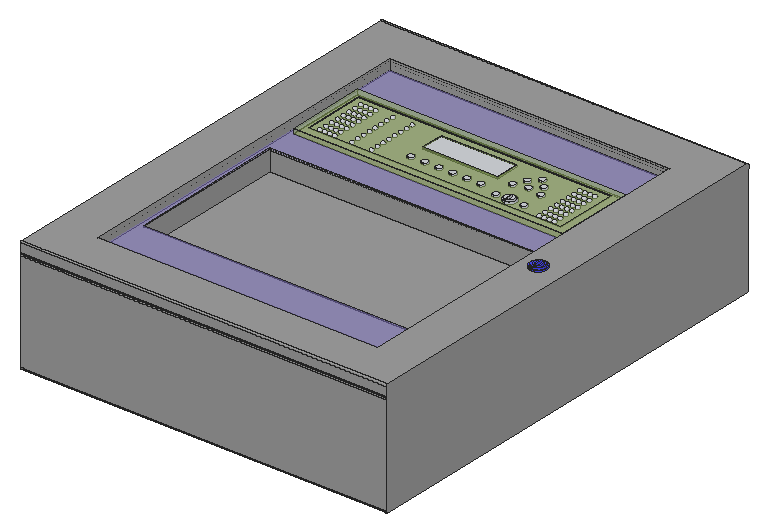
Revit family "Maxlogic Intelligent Addressable Fire Alarm Control Panel, up to 16 Loops", category Fire Alarm Devices, host Face, Revit 2022
Family settings
  Host = Face
  Round Connector Dimension = Use Diameter
  Part Type = Normal
  OmniClass Number = 23.85.30.21
  OmniClass Title = Environmental Detection/Registration
  Cut with Voids When Loaded = No
  Maintain Annotation Orientation = Yes
  Shared = No
  Room Calculation Point = No
Parameters (values of type "Maxlogic Intelligent Addressable Fire alarm control panel, 9 loops, 1143 address")
  Weight = "Max. 38,500 kg"
  Weatherproof surface mounting back box = ""
  Warranty Duration Unit = "Year"
  Warranty Duration Parts = "2"
  Warranty Duration Labor = "2"
  Version = ""
  URL = "https://www.mavili.com.tr/en"
  Recessed mounting base = ""
  Public Works Pose Number = "833-311"
  Protection Sign = "IP30"
  Product Code = "ML-1259"
  Phone Number = "(+)90 216 466 45 05"
  Operatonal Voltage (default) = ""
  Operating voltage range = ""
  Operating temperature = "(-10°C) - (+55°C)"
  Nominal Depth = "205 mm"
  Nominal Width = "650 mm"
  Nominal Height = "800 mm"
  Mounting surface = "Wall mount"
  Mounting height = ""
  Model = "Maxlogic"
  Manufacturer = "Mavili Elektronik Ticaret A.Ş."
  Installation Manual = "https://mavilielektronik.com/Revit/ML125XX_enkk.pdf"
  Indicator output = ""
  Fax Number = "(+)90 216 466 45 10"
  External supply = "220 V AC"
  Email = "mavili@mavili.com.tr"
  Disclaimer = ""
  Device Adress Setup = ""
  Description = "Intelligent Addressable Fire alarm control panel, 9 loops, 1143 address"
  Default Elevation = 0 mm
  Current consumption = ""
  Cost unıt = ""
  Cost = 0
  Compatible sockets = ""
  Color = "Red"
  Code Performance = "EN 54\u001f-2 / EN 54-\u001f4"
  Main Material = "Metal Red"
  Secondary Material = "Plexiglas"
  Battery = "4 X (12V DC 7 Ah )"
  Address line 1 = "Şerifali Mahallesi Kutup Sokak No:27/1-2-4 Ümraniye TR-34775 İSTANBUL"
Types (18, lengths in mm): name | Public Works Pose Number | Product Code | Model | Description
  (no name) | "833-311" | "ML-1259" | "Maxlogic" | "Intelligent Addressable Fire alarm control panel, 9 loops, 1143 address"
  Maxlogic Intelligent Addressable Fire alarm control panel, 0 loop, network (repeater) | "" | "ML-1250.N" | "Maxlogic" | "Intelligent Addressable Fire alarm control panel, 0 loop, network (repeater)"
  Maxlogic Intelligent Addressable Fire alarm control panel, 1 loop, 127 address | "" | "ML-1251" | "Maxlogic" | "Intelligent Addressable Fire alarm control panel, 1 loop, 127 address"
  Maxlogic Intelligent Addressable Fire alarm control panel, 2 loops, 254 address | "" | "ML-1252" | "MaxLogic" | "Intelligent Addressable Fire alarm control panel, 2 loops, 254 address"
  Maxlogic Intelligent Addressable Fire alarm control panel, 3 loops, 381 address | "" | "ML-1253" | "Maxlogic" | "Intelligent Addressable Fire alarm control panel, 3 loops, 381 address"
  Maxlogic Intelligent Addressable Fire alarm control panel, 4 loops, 508 address | "" | "ML-1254" | "Maxlogic" | "Intelligent Addressable Fire alarm control panel, 4 loops, 508 address"
  Maxlogic Intelligent Addressable Fire alarm control panel, 5 loops, 635 address | "" | "ML-1255" | "Maxlogic" | "Intelligent Addressable Fire alarm control panel, 5 loops, 635 address"
  Maxlogic Intelligent Addressable Fire alarm control panel, 6 loops, 762 address | "" | "ML-1256" | "Maxlogic" | "Intelligent Addressable Fire alarm control panel, 6 loops, 762 address"
  Maxlogic Intelligent Addressable Fire alarm control panel, 7 loops, 889 address | "" | "ML-1257" | "Maxlogic" | "Intelligent Addressable Fire alarm control panel, 7 loops, 889 address"
  Maxlogic Intelligent Addressable Fire alarm control panel, 8 loops, 1016 addres | "" | "ML-1258" | "Maxlogic" | "Intelligent Addressable Fire alarm control panel, 8 loops, 1016 addres"
  Maxlogic Intelligent Addressable Fire alarm control panel, 9 loops, 1143 address | "833-311" | "ML-1259" | "Maxlogic" | "Intelligent Addressable Fire alarm control panel, 9 loops, 1143 address"
  Maxlogic Intelligent Addressable Fire alarm control panel, 10 loops, 1270 address | "833-312" | "ML-12510" | "Maxlogic" | "Intelligent Addressable Fire alarm control panel, 10 loops, 1270 address"
  Maxlogic Intelligent Addressable Fire alarm control panel, 11 loops, 1397 address | "833-313" | "ML-12511" | "Maxlogic" | "Intelligent Addressable Fire alarm control panel, 11 loops, 1397 address"
  Maxlogic Intelligent Addressable Fire alarm control panel, 12 loops, 1524 address | "833-314" | "ML-12512" | "Maxlogic" | "Intelligent Addressable Fire alarm control panel, 12 loops, 1524 address"
  Maxlogic Intelligent Addressable Fire alarm control panel, 13 loops, 1651 address | "833-315" | "ML-12513" | "Maxlogic" | "Intelligent Addressable Fire alarm control panel, 13 loops, 1651 address"
  Maxlogic Intelligent Addressable Fire alarm control panel, 14 loops, 1778 address | "833-316" | "ML-12514" | "Maxlogic" | "Intelligent Addressable Fire alarm control panel, 14 loops, 1778 address"
  Maxlogic Intelligent Addressable Fire alarm control panel, 15 loops, 1905 address | "833-317" | "ML-12515" | "Maxlogic" | "Intelligent Addressable Fire alarm control panel, 15 loops, 1905 address"
  Maxlogic Intelligent Addressable Fire alarm control panel, 16 loops, 2032 address | "833-318" | "ML-12516" | "Maxlogic" | "Intelligent Addressable Fire alarm control panel, 16 loops, 2032 address"
Reference planes
  plane 1 "Center (Front/Back)": y = 0
  plane 2: z = 0
  plane 3 "Center (Left/Right)": x = 0
Forms (mm)
  Extrusion 1, solid, material "MAVİLİ KIRMIZI"
    sketch origin (0, 0, 0) x (0, 1, 0) y (0, 0, 1)
      loop
        arc (400, 0) -> (401.202, 0.498) -> (401.7, 1.7) r 1.7
        line (401.7, 1.7) -> (401.7, 20) -> (401.7, 22) -> (401.7, 169.2) -> (401.7, 171.2) -> (401.7, 181.2)
        arc (401.7, 181.2) -> (401.319, 182.119) -> (400.4, 182.5) r 1.3
        line (400.4, 182.5) -> (375.5, 182.5) -> (375.5, 183.35) -> (400.4, 183.35)
        arc (400.4, 183.35) -> (402.238, 184.112) -> (403, 185.95) r 2.6
        line (403, 185.95) -> (403, 202.45)
        arc (403, 202.45) -> (402.268, 204.218) -> (400.5, 204.95) r 2.5
        line (400.5, 204.95) -> (-400.5, 204.95)
        arc (-400.5, 204.95) -> (-402.268, 204.218) -> (-403, 202.45) r 2.5
        line (-403, 202.45) -> (-403, 185.95)
        arc (-403, 185.95) -> (-402.238, 184.112) -> (-400.4, 183.35) r 2.6
        line (-400.4, 183.35) -> (-388, 183.35) -> (-375.4, 183.35) -> (-375.4, 182.507) -> (-400.401, 182.507)
        arc (-400.401, 182.507) -> (-401.319, 182.127) -> (-401.7, 181.208) r 1.299
        line (-401.7, 181.208) -> (-401.7, 1.7)
        arc (-401.7, 1.7) -> (-401.202, 0.498) -> (-400, 0) r 1.7
        line (-400, 0) -> (400, 0)
    from 0 to 653.309
  Extrusion 2, solid, material "MAVİLİ KOYU GRİ"
    sketch origin (0, 400.5, 204.95) x (0, -1, 0) y (1, 0, 0)
      loop
        circle (408.79, 607.566) r 14.964
    from 0 to 1.467
  Extrusion 3, solid, material "MAVİLİ KOYU GRİ"
    sketch origin (0, 400.5, 204.95) x (0, -1, 0) y (1, 0, 0)
      loop
        circle (408.79, 607.566) r 11.5
    from 0 to 3.526
  Extrusion 4, solid, material "MAVİLİ KOYU GRİ"
    sketch origin (0, 400.5, 204.95) x (0, -1, 0) y (1, 0, 0)
      loop
        circle (408.79, 607.566) r 7.5
    from 0 to 4.805
  Extrusion 5, solid, material "MAVİLİ KOYU GRİ"
    sketch origin (0, 400.5, 204.95) x (0, -1, 0) y (1, 0, 0)
      loop
        line (414.975, 609.11) -> (402.606, 609.11) -> (402.606, 606.022) -> (414.975, 606.022) -> (414.975, 609.11)
    from 0 to 7.467
  Extrusion 6, void
    sketch origin (0, 0, 0) x (1, 0, 0) y (0, 1, 0)
      loop
        line (77.8, 322.429) -> (77.8, -327.571) -> (577.8, -327.571) -> (577.8, 322.429) -> (77.8, 322.429)
    from 185.95 to 212.35
  Extrusion 7, solid, material "MAVİLİ BEYAZ"
    sketch origin (0, 0, 185.95) x (1, 0, 0) y (0, 1, 0)
      loop
        line (87.8, 238.929) -> (87.8, 95.929) -> (567.8, 95.929) -> (567.8, 238.929) -> (87.8, 238.929)
    from 0 to 11.04
  Extrusion 8, void
    sketch origin (0, 0, 196.99) x (0, 1, 0) y (1, 0, 0)
      loop
        line (223.929, 102.8) -> (223.929, 552.8) -> (110.929, 552.8) -> (110.929, 102.8) -> (223.929, 102.8)
    from 0 to 2.067
  Revolve 9, solid
    sketch origin (0, 0, 194.923) x (0, 1, 0) y (-1, 0, 0)
      loop
        line (211.929, -117.7) -> (205.929, -117.7)
        arc (205.929, -117.7) -> (208.929, -120.7) -> (211.929, -117.7) r 3
      axis (211.929, -117.7) -> (205.929, -117.7)
    angle from 0 to -180
  Revolve 10, solid
    sketch origin (9, 0, 194.923) x (0, 1, 0) y (-1, 0, 0)
      loop
        line (211.929, -117.7) -> (205.929, -117.7)
        arc (205.929, -117.7) -> (208.929, -120.7) -> (211.929, -117.7) r 3
      axis (211.929, -117.7) -> (205.929, -117.7)
    angle from 0 to -180
  Revolve 11, solid
    sketch origin (18, 0, 194.923) x (0, 1, 0) y (-1, 0, 0)
      loop
        line (211.929, -117.7) -> (205.929, -117.7)
        arc (205.929, -117.7) -> (208.929, -120.7) -> (211.929, -117.7) r 3
      axis (211.929, -117.7) -> (205.929, -117.7)
    angle from 0 to -180
  Revolve 12, solid
    sketch origin (27, 0, 194.923) x (0, 1, 0) y (-1, 0, 0)
      loop
        line (211.929, -117.7) -> (205.929, -117.7)
        arc (205.929, -117.7) -> (208.929, -120.7) -> (211.929, -117.7) r 3
      axis (211.929, -117.7) -> (205.929, -117.7)
    angle from 0 to -180
  Revolve 13, solid
    sketch origin (0, -13, 194.923) x (0, 1, 0) y (-1, 0, 0)
      loop
        line (211.929, -117.7) -> (205.929, -117.7)
        arc (205.929, -117.7) -> (208.929, -120.7) -> (211.929, -117.7) r 3
      axis (211.929, -117.7) -> (205.929, -117.7)
    angle from 0 to -180
  Revolve 14, solid
    sketch origin (9, -13, 194.923) x (0, 1, 0) y (-1, 0, 0)
      loop
        line (211.929, -117.7) -> (205.929, -117.7)
        arc (205.929, -117.7) -> (208.929, -120.7) -> (211.929, -117.7) r 3
      axis (211.929, -117.7) -> (205.929, -117.7)
    angle from 0 to -180
  Revolve 15, solid
    sketch origin (18, -13, 194.923) x (0, 1, 0) y (-1, 0, 0)
      loop
        line (211.929, -117.7) -> (205.929, -117.7)
        arc (205.929, -117.7) -> (208.929, -120.7) -> (211.929, -117.7) r 3
      axis (211.929, -117.7) -> (205.929, -117.7)
    angle from 0 to -180
  Revolve 16, solid
    sketch origin (27, -13, 194.923) x (0, 1, 0) y (-1, 0, 0)
      loop
        line (211.929, -117.7) -> (205.929, -117.7)
        arc (205.929, -117.7) -> (208.929, -120.7) -> (211.929, -117.7) r 3
      axis (211.929, -117.7) -> (205.929, -117.7)
    angle from 0 to -180
  Revolve 17, solid
    sketch origin (0, -26, 194.923) x (0, 1, 0) y (-1, 0, 0)
      loop
        line (211.929, -117.7) -> (205.929, -117.7)
        arc (205.929, -117.7) -> (208.929, -120.7) -> (211.929, -117.7) r 3
      axis (211.929, -117.7) -> (205.929, -117.7)
    angle from 0 to -180
  Revolve 18, solid
    sketch origin (9, -26, 194.923) x (0, 1, 0) y (-1, 0, 0)
      loop
        line (211.929, -117.7) -> (205.929, -117.7)
        arc (205.929, -117.7) -> (208.929, -120.7) -> (211.929, -117.7) r 3
      axis (211.929, -117.7) -> (205.929, -117.7)
    angle from 0 to -180
  Revolve 19, solid
    sketch origin (18, -26, 194.923) x (0, 1, 0) y (-1, 0, 0)
      loop
        line (211.929, -117.7) -> (205.929, -117.7)
        arc (205.929, -117.7) -> (208.929, -120.7) -> (211.929, -117.7) r 3
      axis (211.929, -117.7) -> (205.929, -117.7)
    angle from 0 to -180
  Revolve 20, solid
    sketch origin (27, -26, 194.923) x (0, 1, 0) y (-1, 0, 0)
      loop
        line (211.929, -117.7) -> (205.929, -117.7)
        arc (205.929, -117.7) -> (208.929, -120.7) -> (211.929, -117.7) r 3
      axis (211.929, -117.7) -> (205.929, -117.7)
    angle from 0 to -180
  Revolve 21, solid
    sketch origin (0, -39, 194.923) x (0, 1, 0) y (-1, 0, 0)
      loop
        line (211.929, -117.7) -> (205.929, -117.7)
        arc (205.929, -117.7) -> (208.929, -120.7) -> (211.929, -117.7) r 3
      axis (211.929, -117.7) -> (205.929, -117.7)
    angle from 0 to -180
  Revolve 22, solid
    sketch origin (9, -39, 194.923) x (0, 1, 0) y (-1, 0, 0)
      loop
        line (211.929, -117.7) -> (205.929, -117.7)
        arc (205.929, -117.7) -> (208.929, -120.7) -> (211.929, -117.7) r 3
      axis (211.929, -117.7) -> (205.929, -117.7)
    angle from 0 to -180
  Revolve 23, solid
    sketch origin (18, -39, 194.923) x (0, 1, 0) y (-1, 0, 0)
      loop
        line (211.929, -117.7) -> (205.929, -117.7)
        arc (205.929, -117.7) -> (208.929, -120.7) -> (211.929, -117.7) r 3
      axis (211.929, -117.7) -> (205.929, -117.7)
    angle from 0 to -180
  Revolve 24, solid
    sketch origin (27, -39, 194.923) x (0, 1, 0) y (-1, 0, 0)
      loop
        line (211.929, -117.7) -> (205.929, -117.7)
        arc (205.929, -117.7) -> (208.929, -120.7) -> (211.929, -117.7) r 3
      axis (211.929, -117.7) -> (205.929, -117.7)
    angle from 0 to -180
  Revolve 25, solid
    sketch origin (0, -52, 194.923) x (0, 1, 0) y (-1, 0, 0)
      loop
        line (211.929, -117.7) -> (205.929, -117.7)
        arc (205.929, -117.7) -> (208.929, -120.7) -> (211.929, -117.7) r 3
      axis (211.929, -117.7) -> (205.929, -117.7)
    angle from 0 to -180
  Revolve 26, solid
    sketch origin (9, -52, 194.923) x (0, 1, 0) y (-1, 0, 0)
      loop
        line (211.929, -117.7) -> (205.929, -117.7)
        arc (205.929, -117.7) -> (208.929, -120.7) -> (211.929, -117.7) r 3
      axis (211.929, -117.7) -> (205.929, -117.7)
    angle from 0 to -180
  Revolve 27, solid
    sketch origin (18, -52, 194.923) x (0, 1, 0) y (-1, 0, 0)
      loop
        line (211.929, -117.7) -> (205.929, -117.7)
        arc (205.929, -117.7) -> (208.929, -120.7) -> (211.929, -117.7) r 3
      axis (211.929, -117.7) -> (205.929, -117.7)
    angle from 0 to -180
  Revolve 28, solid
    sketch origin (27, -52, 194.923) x (0, 1, 0) y (-1, 0, 0)
      loop
        line (211.929, -117.7) -> (205.929, -117.7)
        arc (205.929, -117.7) -> (208.929, -120.7) -> (211.929, -117.7) r 3
      axis (211.929, -117.7) -> (205.929, -117.7)
    angle from 0 to -180
  Revolve 29, solid
    sketch origin (0, -65, 194.923) x (0, 1, 0) y (-1, 0, 0)
      loop
        line (211.929, -117.7) -> (205.929, -117.7)
        arc (205.929, -117.7) -> (208.929, -120.7) -> (211.929, -117.7) r 3
      axis (211.929, -117.7) -> (205.929, -117.7)
    angle from 0 to -180
  Revolve 30, solid
    sketch origin (9, -65, 194.923) x (0, 1, 0) y (-1, 0, 0)
      loop
        line (211.929, -117.7) -> (205.929, -117.7)
        arc (205.929, -117.7) -> (208.929, -120.7) -> (211.929, -117.7) r 3
      axis (211.929, -117.7) -> (205.929, -117.7)
    angle from 0 to -180
  Revolve 31, solid
    sketch origin (18, -65, 194.923) x (0, 1, 0) y (-1, 0, 0)
      loop
        line (211.929, -117.7) -> (205.929, -117.7)
        arc (205.929, -117.7) -> (208.929, -120.7) -> (211.929, -117.7) r 3
      axis (211.929, -117.7) -> (205.929, -117.7)
    angle from 0 to -180
  Revolve 32, solid
    sketch origin (27, -65, 194.923) x (0, 1, 0) y (-1, 0, 0)
      loop
        line (211.929, -117.7) -> (205.929, -117.7)
        arc (205.929, -117.7) -> (208.929, -120.7) -> (211.929, -117.7) r 3
      axis (211.929, -117.7) -> (205.929, -117.7)
    angle from 0 to -180
  Revolve 33, solid
    sketch origin (0, -78, 194.923) x (0, 1, 0) y (-1, 0, 0)
      loop
        line (211.929, -117.7) -> (205.929, -117.7)
        arc (205.929, -117.7) -> (208.929, -120.7) -> (211.929, -117.7) r 3
      axis (211.929, -117.7) -> (205.929, -117.7)
    angle from 0 to -180
  Revolve 34, solid
    sketch origin (9, -78, 194.923) x (0, 1, 0) y (-1, 0, 0)
      loop
        line (211.929, -117.7) -> (205.929, -117.7)
        arc (205.929, -117.7) -> (208.929, -120.7) -> (211.929, -117.7) r 3
      axis (211.929, -117.7) -> (205.929, -117.7)
    angle from 0 to -180
  Revolve 35, solid
    sketch origin (18, -78, 194.923) x (0, 1, 0) y (-1, 0, 0)
      loop
        line (211.929, -117.7) -> (205.929, -117.7)
        arc (205.929, -117.7) -> (208.929, -120.7) -> (211.929, -117.7) r 3
      axis (211.929, -117.7) -> (205.929, -117.7)
    angle from 0 to -180
  Revolve 36, solid
    sketch origin (27, -78, 194.923) x (0, 1, 0) y (-1, 0, 0)
      loop
        line (211.929, -117.7) -> (205.929, -117.7)
        arc (205.929, -117.7) -> (208.929, -120.7) -> (211.929, -117.7) r 3
      axis (211.929, -117.7) -> (205.929, -117.7)
    angle from 0 to -180
  Revolve 37, solid
    sketch origin (0, -91, 194.923) x (0, 1, 0) y (-1, 0, 0)
      loop
        line (211.929, -117.7) -> (205.929, -117.7)
        arc (205.929, -117.7) -> (208.929, -120.7) -> (211.929, -117.7) r 3
      axis (211.929, -117.7) -> (205.929, -117.7)
    angle from 0 to -180
  Revolve 38, solid
    sketch origin (9, -91, 194.923) x (0, 1, 0) y (-1, 0, 0)
      loop
        line (211.929, -117.7) -> (205.929, -117.7)
        arc (205.929, -117.7) -> (208.929, -120.7) -> (211.929, -117.7) r 3
      axis (211.929, -117.7) -> (205.929, -117.7)
    angle from 0 to -180
  Revolve 39, solid
    sketch origin (18, -91, 194.923) x (0, 1, 0) y (-1, 0, 0)
      loop
        line (211.929, -117.7) -> (205.929, -117.7)
        arc (205.929, -117.7) -> (208.929, -120.7) -> (211.929, -117.7) r 3
      axis (211.929, -117.7) -> (205.929, -117.7)
    angle from 0 to -180
  Revolve 40, solid
    sketch origin (27, -91, 194.923) x (0, 1, 0) y (-1, 0, 0)
      loop
        line (211.929, -117.7) -> (205.929, -117.7)
        arc (205.929, -117.7) -> (208.929, -120.7) -> (211.929, -117.7) r 3
      axis (211.929, -117.7) -> (205.929, -117.7)
    angle from 0 to -180
  Revolve 41, solid
    sketch origin (57, 0, 194.923) x (0, 1, 0) y (-1, 0, 0)
      loop
        line (211.929, -117.7) -> (205.929, -117.7)
        arc (205.929, -117.7) -> (208.929, -120.7) -> (211.929, -117.7) r 3
      axis (211.929, -117.7) -> (205.929, -117.7)
    angle from 0 to -180
  Revolve 42, solid
    sketch origin (57, -13, 194.923) x (0, 1, 0) y (-1, 0, 0)
      loop
        line (211.929, -117.7) -> (205.929, -117.7)
        arc (205.929, -117.7) -> (208.929, -120.7) -> (211.929, -117.7) r 3
      axis (211.929, -117.7) -> (205.929, -117.7)
    angle from 0 to -180
  Revolve 43, solid
    sketch origin (57, -26, 194.923) x (0, 1, 0) y (-1, 0, 0)
      loop
        line (211.929, -117.7) -> (205.929, -117.7)
        arc (205.929, -117.7) -> (208.929, -120.7) -> (211.929, -117.7) r 3
      axis (211.929, -117.7) -> (205.929, -117.7)
    angle from 0 to -180
  Revolve 44, solid
    sketch origin (57, -39, 194.923) x (0, 1, 0) y (-1, 0, 0)
      loop
        line (211.929, -117.7) -> (205.929, -117.7)
        arc (205.929, -117.7) -> (208.929, -120.7) -> (211.929, -117.7) r 3
      axis (211.929, -117.7) -> (205.929, -117.7)
    angle from 0 to -180
  Revolve 45, solid
    sketch origin (57, -52, 194.923) x (0, 1, 0) y (-1, 0, 0)
      loop
        line (211.929, -117.7) -> (205.929, -117.7)
        arc (205.929, -117.7) -> (208.929, -120.7) -> (211.929, -117.7) r 3
      axis (211.929, -117.7) -> (205.929, -117.7)
    angle from 0 to -180
  Revolve 46, solid
    sketch origin (57, -65, 194.923) x (0, 1, 0) y (-1, 0, 0)
      loop
        line (211.929, -117.7) -> (205.929, -117.7)
        arc (205.929, -117.7) -> (208.929, -120.7) -> (211.929, -117.7) r 3
      axis (211.929, -117.7) -> (205.929, -117.7)
    angle from 0 to -180
  Revolve 47, solid
    sketch origin (57, -78, 194.923) x (0, 1, 0) y (-1, 0, 0)
      loop
        line (211.929, -117.7) -> (205.929, -117.7)
        arc (205.929, -117.7) -> (208.929, -120.7) -> (211.929, -117.7) r 3
      axis (211.929, -117.7) -> (205.929, -117.7)
    angle from 0 to -180
  Revolve 48, solid
    sketch origin (57, -91, 194.923) x (0, 1, 0) y (-1, 0, 0)
      loop
        line (211.929, -117.7) -> (205.929, -117.7)
        arc (205.929, -117.7) -> (208.929, -120.7) -> (211.929, -117.7) r 3
      axis (211.929, -117.7) -> (205.929, -117.7)
    angle from 0 to -180
  Revolve 49, solid
    sketch origin (92, 0, 194.923) x (0, 1, 0) y (-1, 0, 0)
      loop
        line (211.929, -117.7) -> (205.929, -117.7)
        arc (205.929, -117.7) -> (208.929, -120.7) -> (211.929, -117.7) r 3
      axis (211.929, -117.7) -> (205.929, -117.7)
    angle from 0 to -180
  Revolve 50, solid
    sketch origin (92, -13, 194.923) x (0, 1, 0) y (-1, 0, 0)
      loop
        line (211.929, -117.7) -> (205.929, -117.7)
        arc (205.929, -117.7) -> (208.929, -120.7) -> (211.929, -117.7) r 3
      axis (211.929, -117.7) -> (205.929, -117.7)
    angle from 0 to -180
  Revolve 51, solid
    sketch origin (92, -26, 194.923) x (0, 1, 0) y (-1, 0, 0)
      loop
        line (211.929, -117.7) -> (205.929, -117.7)
        arc (205.929, -117.7) -> (208.929, -120.7) -> (211.929, -117.7) r 3
      axis (211.929, -117.7) -> (205.929, -117.7)
    angle from 0 to -180
  Revolve 52, solid
    sketch origin (92, -39, 194.923) x (0, 1, 0) y (-1, 0, 0)
      loop
        line (211.929, -117.7) -> (205.929, -117.7)
        arc (205.929, -117.7) -> (208.929, -120.7) -> (211.929, -117.7) r 3
      axis (211.929, -117.7) -> (205.929, -117.7)
    angle from 0 to -180
  Revolve 53, solid
    sketch origin (92, -52, 194.923) x (0, 1, 0) y (-1, 0, 0)
      loop
        line (211.929, -117.7) -> (205.929, -117.7)
        arc (205.929, -117.7) -> (208.929, -120.7) -> (211.929, -117.7) r 3
      axis (211.929, -117.7) -> (205.929, -117.7)
    angle from 0 to -180
  Revolve 54, solid
    sketch origin (92, -65, 194.923) x (0, 1, 0) y (-1, 0, 0)
      loop
        line (211.929, -117.7) -> (205.929, -117.7)
        arc (205.929, -117.7) -> (208.929, -120.7) -> (211.929, -117.7) r 3
      axis (211.929, -117.7) -> (205.929, -117.7)
    angle from 0 to -180
  Revolve 55, solid
    sketch origin (92, -78, 194.923) x (0, 1, 0) y (-1, 0, 0)
      loop
        line (211.929, -117.7) -> (205.929, -117.7)
        arc (205.929, -117.7) -> (208.929, -120.7) -> (211.929, -117.7) r 3
      axis (211.929, -117.7) -> (205.929, -117.7)
    angle from 0 to -180
  Revolve 56, solid
    sketch origin (92, -91, 194.923) x (0, 1, 0) y (-1, 0, 0)
      loop
        line (211.929, -117.7) -> (205.929, -117.7)
        arc (205.929, -117.7) -> (208.929, -120.7) -> (211.929, -117.7) r 3
      axis (211.929, -117.7) -> (205.929, -117.7)
    angle from 0 to -180
  Extrusion 57, solid
    sketch origin (0, 0, 194.923) x (0, 1, 0) y (-1, 0, 0)
      loop
        circle (137.429, -264.2) r 5.5
    from 0 to 1.44
  Extrusion 58, solid
    sketch origin (25, 0, 194.923) x (0, 1, 0) y (-1, 0, 0)
      loop
        circle (137.429, -264.2) r 5.5
    from 0 to 1.44
  Extrusion 59, solid
    sketch origin (50, 0, 194.923) x (0, 1, 0) y (-1, 0, 0)
      loop
        circle (137.429, -264.2) r 5.5
    from 0 to 1.44
  Extrusion 60, solid
    sketch origin (75, 0, 194.923) x (0, 1, 0) y (-1, 0, 0)
      loop
        circle (137.429, -264.2) r 5.5
    from 0 to 1.44
  Extrusion 61, solid
    sketch origin (100, 0, 194.923) x (0, 1, 0) y (-1, 0, 0)
      loop
        circle (137.429, -264.2) r 5.5
    from 0 to 1.44
  Extrusion 62, solid
    sketch origin (125, 0, 194.923) x (0, 1, 0) y (-1, 0, 0)
      loop
        circle (137.429, -264.2) r 5.5
    from 0 to 1.44
  Extrusion 63, solid
    sketch origin (159.838, -9.99, 194.923) x (0, 1, 0) y (-1, 0, 0)
      loop
        circle (137.429, -264.2) r 5.5
    from 0 to 1.44
  Extrusion 64, solid
    sketch origin (209.838, -9.99, 194.923) x (0, 1, 0) y (-1, 0, 0)
      loop
        circle (137.429, -264.2) r 5.5
    from 0 to 1.44
  Extrusion 65, solid
    sketch origin (209.838, 27.51, 194.923) x (0, 1, 0) y (-1, 0, 0)
      loop
        circle (137.429, -264.2) r 5.5
    from 0 to 1.44
  Extrusion 66, solid
    sketch origin (184.09, 32.515, 194.923) x (0, 1, 0) y (-1, 0, 0)
      loop
        circle (137.429, -264.2) r 5.5
    from 0 to 1.44
  Extrusion 67, solid
    sketch origin (159.636, 27.318, 194.923) x (0, 1, 0) y (-1, 0, 0)
      loop
        circle (137.429, -264.2) r 5.5
    from 0 to 1.44
  Extrusion 68, solid
    sketch origin (169.48, 47.5, 194.923) x (0, 1, 0) y (-1, 0, 0)
      loop
        circle (137.429, -264.2) r 5.5
    from 0 to 1.44
  Extrusion 69, solid
    sketch origin (199.52, 47.5, 194.923) x (0, 1, 0) y (-1, 0, 0)
      loop
        circle (137.429, -264.2) r 5.5
    from 0 to 1.44
  Extrusion 70, solid
    sketch origin (184.52, 62.5, 194.923) x (0, 1, 0) y (-1, 0, 0)
      loop
        circle (137.429, -264.2) r 5.5
    from 0 to 1.44
  Revolve 71, solid
    sketch origin (391, 0, 194.923) x (0, 1, 0) y (-1, 0, 0)
      loop
        line (211.929, -117.7) -> (205.929, -117.7)
        arc (205.929, -117.7) -> (208.929, -120.7) -> (211.929, -117.7) r 3
      axis (211.929, -117.7) -> (205.929, -117.7)
    angle from 0 to -180
  Revolve 72, solid
    sketch origin (400, 0, 194.923) x (0, 1, 0) y (-1, 0, 0)
      loop
        line (211.929, -117.7) -> (205.929, -117.7)
        arc (205.929, -117.7) -> (208.929, -120.7) -> (211.929, -117.7) r 3
      axis (211.929, -117.7) -> (205.929, -117.7)
    angle from 0 to -180
  Revolve 73, solid
    sketch origin (409, 0, 194.923) x (0, 1, 0) y (-1, 0, 0)
      loop
        line (211.929, -117.7) -> (205.929, -117.7)
        arc (205.929, -117.7) -> (208.929, -120.7) -> (211.929, -117.7) r 3
      axis (211.929, -117.7) -> (205.929, -117.7)
    angle from 0 to -180
  Revolve 74, solid
    sketch origin (418, 0, 194.923) x (0, 1, 0) y (-1, 0, 0)
      loop
        line (211.929, -117.7) -> (205.929, -117.7)
        arc (205.929, -117.7) -> (208.929, -120.7) -> (211.929, -117.7) r 3
      axis (211.929, -117.7) -> (205.929, -117.7)
    angle from 0 to -180
  Revolve 75, solid
    sketch origin (391, -13, 194.923) x (0, 1, 0) y (-1, 0, 0)
      loop
        line (211.929, -117.7) -> (205.929, -117.7)
        arc (205.929, -117.7) -> (208.929, -120.7) -> (211.929, -117.7) r 3
      axis (211.929, -117.7) -> (205.929, -117.7)
    angle from 0 to -180
  Revolve 76, solid
    sketch origin (400, -13, 194.923) x (0, 1, 0) y (-1, 0, 0)
      loop
        line (211.929, -117.7) -> (205.929, -117.7)
        arc (205.929, -117.7) -> (208.929, -120.7) -> (211.929, -117.7) r 3
      axis (211.929, -117.7) -> (205.929, -117.7)
    angle from 0 to -180
  Revolve 77, solid
    sketch origin (409, -13, 194.923) x (0, 1, 0) y (-1, 0, 0)
      loop
        line (211.929, -117.7) -> (205.929, -117.7)
        arc (205.929, -117.7) -> (208.929, -120.7) -> (211.929, -117.7) r 3
      axis (211.929, -117.7) -> (205.929, -117.7)
    angle from 0 to -180
  Revolve 78, solid
    sketch origin (418, -13, 194.923) x (0, 1, 0) y (-1, 0, 0)
      loop
        line (211.929, -117.7) -> (205.929, -117.7)
        arc (205.929, -117.7) -> (208.929, -120.7) -> (211.929, -117.7) r 3
      axis (211.929, -117.7) -> (205.929, -117.7)
    angle from 0 to -180
  Revolve 79, solid
    sketch origin (391, -26, 194.923) x (0, 1, 0) y (-1, 0, 0)
      loop
        line (211.929, -117.7) -> (205.929, -117.7)
        arc (205.929, -117.7) -> (208.929, -120.7) -> (211.929, -117.7) r 3
      axis (211.929, -117.7) -> (205.929, -117.7)
    angle from 0 to -180
  Revolve 80, solid
    sketch origin (400, -26, 194.923) x (0, 1, 0) y (-1, 0, 0)
      loop
        line (211.929, -117.7) -> (205.929, -117.7)
        arc (205.929, -117.7) -> (208.929, -120.7) -> (211.929, -117.7) r 3
      axis (211.929, -117.7) -> (205.929, -117.7)
    angle from 0 to -180
  Revolve 81, solid
    sketch origin (409, -26, 194.923) x (0, 1, 0) y (-1, 0, 0)
      loop
        line (211.929, -117.7) -> (205.929, -117.7)
        arc (205.929, -117.7) -> (208.929, -120.7) -> (211.929, -117.7) r 3
      axis (211.929, -117.7) -> (205.929, -117.7)
    angle from 0 to -180
  Revolve 82, solid
    sketch origin (418, -26, 194.923) x (0, 1, 0) y (-1, 0, 0)
      loop
        line (211.929, -117.7) -> (205.929, -117.7)
        arc (205.929, -117.7) -> (208.929, -120.7) -> (211.929, -117.7) r 3
      axis (211.929, -117.7) -> (205.929, -117.7)
    angle from 0 to -180
  Revolve 83, solid
    sketch origin (391, -39, 194.923) x (0, 1, 0) y (-1, 0, 0)
      loop
        line (211.929, -117.7) -> (205.929, -117.7)
        arc (205.929, -117.7) -> (208.929, -120.7) -> (211.929, -117.7) r 3
      axis (211.929, -117.7) -> (205.929, -117.7)
    angle from 0 to -180
  Revolve 84, solid
    sketch origin (400, -39, 194.923) x (0, 1, 0) y (-1, 0, 0)
      loop
        line (211.929, -117.7) -> (205.929, -117.7)
        arc (205.929, -117.7) -> (208.929, -120.7) -> (211.929, -117.7) r 3
      axis (211.929, -117.7) -> (205.929, -117.7)
    angle from 0 to -180
  Revolve 85, solid
    sketch origin (409, -39, 194.923) x (0, 1, 0) y (-1, 0, 0)
      loop
        line (211.929, -117.7) -> (205.929, -117.7)
        arc (205.929, -117.7) -> (208.929, -120.7) -> (211.929, -117.7) r 3
      axis (211.929, -117.7) -> (205.929, -117.7)
    angle from 0 to -180
  Revolve 86, solid
    sketch origin (418, -39, 194.923) x (0, 1, 0) y (-1, 0, 0)
      loop
        line (211.929, -117.7) -> (205.929, -117.7)
        arc (205.929, -117.7) -> (208.929, -120.7) -> (211.929, -117.7) r 3
      axis (211.929, -117.7) -> (205.929, -117.7)
    angle from 0 to -180
  Revolve 87, solid
    sketch origin (391, -52, 194.923) x (0, 1, 0) y (-1, 0, 0)
      loop
        line (211.929, -117.7) -> (205.929, -117.7)
        arc (205.929, -117.7) -> (208.929, -120.7) -> (211.929, -117.7) r 3
      axis (211.929, -117.7) -> (205.929, -117.7)
    angle from 0 to -180
  Revolve 88, solid
    sketch origin (400, -52, 194.923) x (0, 1, 0) y (-1, 0, 0)
      loop
        line (211.929, -117.7) -> (205.929, -117.7)
        arc (205.929, -117.7) -> (208.929, -120.7) -> (211.929, -117.7) r 3
      axis (211.929, -117.7) -> (205.929, -117.7)
    angle from 0 to -180
  Revolve 89, solid
    sketch origin (409, -52, 194.923) x (0, 1, 0) y (-1, 0, 0)
      loop
        line (211.929, -117.7) -> (205.929, -117.7)
        arc (205.929, -117.7) -> (208.929, -120.7) -> (211.929, -117.7) r 3
      axis (211.929, -117.7) -> (205.929, -117.7)
    angle from 0 to -180
  Revolve 90, solid
    sketch origin (418, -52, 194.923) x (0, 1, 0) y (-1, 0, 0)
      loop
        line (211.929, -117.7) -> (205.929, -117.7)
        arc (205.929, -117.7) -> (208.929, -120.7) -> (211.929, -117.7) r 3
      axis (211.929, -117.7) -> (205.929, -117.7)
    angle from 0 to -180
  Revolve 91, solid
    sketch origin (391, -65, 194.923) x (0, 1, 0) y (-1, 0, 0)
      loop
        line (211.929, -117.7) -> (205.929, -117.7)
        arc (205.929, -117.7) -> (208.929, -120.7) -> (211.929, -117.7) r 3
      axis (211.929, -117.7) -> (205.929, -117.7)
    angle from 0 to -180
  Revolve 92, solid
    sketch origin (400, -65, 194.923) x (0, 1, 0) y (-1, 0, 0)
      loop
        line (211.929, -117.7) -> (205.929, -117.7)
        arc (205.929, -117.7) -> (208.929, -120.7) -> (211.929, -117.7) r 3
      axis (211.929, -117.7) -> (205.929, -117.7)
    angle from 0 to -180
  Revolve 93, solid
    sketch origin (409, -65, 194.923) x (0, 1, 0) y (-1, 0, 0)
      loop
        line (211.929, -117.7) -> (205.929, -117.7)
        arc (205.929, -117.7) -> (208.929, -120.7) -> (211.929, -117.7) r 3
      axis (211.929, -117.7) -> (205.929, -117.7)
    angle from 0 to -180
  Revolve 94, solid
    sketch origin (418, -65, 194.923) x (0, 1, 0) y (-1, 0, 0)
      loop
        line (211.929, -117.7) -> (205.929, -117.7)
        arc (205.929, -117.7) -> (208.929, -120.7) -> (211.929, -117.7) r 3
      axis (211.929, -117.7) -> (205.929, -117.7)
    angle from 0 to -180
  Revolve 95, solid
    sketch origin (391, -78, 194.923) x (0, 1, 0) y (-1, 0, 0)
      loop
        line (211.929, -117.7) -> (205.929, -117.7)
        arc (205.929, -117.7) -> (208.929, -120.7) -> (211.929, -117.7) r 3
      axis (211.929, -117.7) -> (205.929, -117.7)
    angle from 0 to -180
  Revolve 96, solid
    sketch origin (400, -78, 194.923) x (0, 1, 0) y (-1, 0, 0)
      loop
        line (211.929, -117.7) -> (205.929, -117.7)
        arc (205.929, -117.7) -> (208.929, -120.7) -> (211.929, -117.7) r 3
      axis (211.929, -117.7) -> (205.929, -117.7)
    angle from 0 to -180
  Revolve 97, solid
    sketch origin (409, -78, 194.923) x (0, 1, 0) y (-1, 0, 0)
      loop
        line (211.929, -117.7) -> (205.929, -117.7)
        arc (205.929, -117.7) -> (208.929, -120.7) -> (211.929, -117.7) r 3
      axis (211.929, -117.7) -> (205.929, -117.7)
    angle from 0 to -180
  Revolve 98, solid
    sketch origin (418, -78, 194.923) x (0, 1, 0) y (-1, 0, 0)
      loop
        line (211.929, -117.7) -> (205.929, -117.7)
        arc (205.929, -117.7) -> (208.929, -120.7) -> (211.929, -117.7) r 3
      axis (211.929, -117.7) -> (205.929, -117.7)
    angle from 0 to -180
  Revolve 99, solid
    sketch origin (391, -91, 194.923) x (0, 1, 0) y (-1, 0, 0)
      loop
        line (211.929, -117.7) -> (205.929, -117.7)
        arc (205.929, -117.7) -> (208.929, -120.7) -> (211.929, -117.7) r 3
      axis (211.929, -117.7) -> (205.929, -117.7)
    angle from 0 to -180
  Revolve 100, solid
    sketch origin (400, -91, 194.923) x (0, 1, 0) y (-1, 0, 0)
      loop
        line (211.929, -117.7) -> (205.929, -117.7)
        arc (205.929, -117.7) -> (208.929, -120.7) -> (211.929, -117.7) r 3
      axis (211.929, -117.7) -> (205.929, -117.7)
    angle from 0 to -180
  Revolve 101, solid
    sketch origin (409, -91, 194.923) x (0, 1, 0) y (-1, 0, 0)
      loop
        line (211.929, -117.7) -> (205.929, -117.7)
        arc (205.929, -117.7) -> (208.929, -120.7) -> (211.929, -117.7) r 3
      axis (211.929, -117.7) -> (205.929, -117.7)
    angle from 0 to -180
  Revolve 102, solid
    sketch origin (418, -91, 194.923) x (0, 1, 0) y (-1, 0, 0)
      loop
        line (211.929, -117.7) -> (205.929, -117.7)
        arc (205.929, -117.7) -> (208.929, -120.7) -> (211.929, -117.7) r 3
      axis (211.929, -117.7) -> (205.929, -117.7)
    angle from 0 to -180
  Extrusion 103, solid
    sketch origin (0, 0, 194.923) x (0, 1, 0) y (-1, 0, 0)
      loop
        circle (127.429, -448.7) r 11
    from 0 to 3
  Extrusion 104, solid
    sketch origin (0, 0, 194.923) x (0, 1, 0) y (-1, 0, 0)
      loop
        circle (127.429, -448.7) r 8.113
    from 0 to 5
  Extrusion 105, solid
    sketch origin (0, 0, 194.923) x (0, 1, 0) y (-1, 0, 0)
      loop
        line (131.17, -447.45) -> (121.17, -447.45) -> (121.17, -449.95) -> (131.17, -449.95) -> (131.17, -447.45)
    from 0 to 7
  Extrusion 106, void
    sketch origin (0, 0, 194.923) x (-1, 0, 0) y (0, 1, 0)
      loop
        line (-259.7, 210.929) -> (-393.7, 210.929) -> (-393.7, 169.929) -> (-259.7, 169.929) -> (-259.7, 210.929)
    from 0 to 4.399
  Extrusion 107, solid, material "MAVİLİ SİYAH"
    sketch origin (0, 0, 185.95) x (1, 0, 0) y (0, 1, 0)
      loop
        line (77.8, 322.429) -> (77.8, -327.571) -> (577.8, -327.571) -> (577.8, 322.429) -> (77.8, 322.429)
      loop
        line (87.8, 238.929) -> (87.8, 95.929) -> (567.8, 95.929) -> (567.8, 238.929) -> (87.8, 238.929)
      loop
        line (87.8, 44.429) -> (87.8, -237.571) -> (567.8, -237.571) -> (567.8, 44.429) -> (87.8, 44.429)
    from 0 to 2
  Extrusion 108, void
    sketch origin (0, 0, 185.95) x (0, 1, 0) y (1, 0, 0)
      loop
        line (44.429, 87.8) -> (44.429, 567.8) -> (-237.571, 567.8) -> (-237.571, 87.8) -> (44.429, 87.8)
    from -8.973 to 35.649
  Extrusion 109, solid
    sketch origin (0, 0, 192.662) x (-1, 0, 0) y (0, -1, 0)
      loop
        line (-393.7, -210.929) -> (-259.7, -210.929) -> (-259.7, -169.929) -> (-393.7, -169.929) -> (-393.7, -210.929)
    from 0 to 1.011
  Extrusion 110, solid, material "Glass"
    sketch origin (0, 0, 187.95) x (1, 0, 0) y (0, 1, 0)
      loop
        line (77.8, 322.429) -> (77.8, -327.571) -> (577.8, -327.571) -> (577.8, 322.429) -> (77.8, 322.429)
    from 9.04 to 14.339
  Extrusion 111, solid
    sketch origin (0, 0, 0) x (1, 0, 0) y (0, 0, 1)
      loop
        line (575.828, 96.743) -> (574.511, 96.743)
        arc (574.511, 96.743) -> (574.427, 95.036) -> (574.511, 93.33) r 17.356
        line (574.511, 93.33) -> (575.838, 93.33)
        arc (575.838, 93.33) -> (586.7, 84.067) -> (597.562, 93.33) r 11
        line (597.562, 93.33) -> (598.889, 93.33)
        arc (598.889, 93.33) -> (598.973, 95.036) -> (598.889, 96.743) r 17.356
        line (598.889, 96.743) -> (597.572, 96.743)
        arc (597.572, 96.743) -> (586.7, 106.067) -> (575.828, 96.743) r 11
    from -403.653 to -401.7
  Extrusion 112, solid
    sketch origin (-40, 0, 0) x (1, 0, 0) y (0, 0, 1)
      loop
        line (575.828, 96.743) -> (574.511, 96.743)
        arc (574.511, 96.743) -> (574.427, 95.036) -> (574.511, 93.33) r 17.356
        line (574.511, 93.33) -> (575.838, 93.33)
        arc (575.838, 93.33) -> (586.7, 84.067) -> (597.562, 93.33) r 11
        line (597.562, 93.33) -> (598.889, 93.33)
        arc (598.889, 93.33) -> (598.973, 95.036) -> (598.889, 96.743) r 17.356
        line (598.889, 96.743) -> (597.572, 96.743)
        arc (597.572, 96.743) -> (586.7, 106.067) -> (575.828, 96.743) r 11
    from -403.653 to -401.7
  Extrusion 113, solid
    sketch origin (-80, 0, 0) x (1, 0, 0) y (0, 0, 1)
      loop
        line (575.828, 96.743) -> (574.511, 96.743)
        arc (574.511, 96.743) -> (574.427, 95.036) -> (574.511, 93.33) r 17.356
        line (574.511, 93.33) -> (575.838, 93.33)
        arc (575.838, 93.33) -> (586.7, 84.067) -> (597.562, 93.33) r 11
        line (597.562, 93.33) -> (598.889, 93.33)
        arc (598.889, 93.33) -> (598.973, 95.036) -> (598.889, 96.743) r 17.356
        line (598.889, 96.743) -> (597.572, 96.743)
        arc (597.572, 96.743) -> (586.7, 106.067) -> (575.828, 96.743) r 11
    from -403.653 to -401.7
  Extrusion 114, solid
    sketch origin (-120, 0, 0) x (1, 0, 0) y (0, 0, 1)
      loop
        line (575.828, 96.743) -> (574.511, 96.743)
        arc (574.511, 96.743) -> (574.427, 95.036) -> (574.511, 93.33) r 17.356
        line (574.511, 93.33) -> (575.838, 93.33)
        arc (575.838, 93.33) -> (586.7, 84.067) -> (597.562, 93.33) r 11
        line (597.562, 93.33) -> (598.889, 93.33)
        arc (598.889, 93.33) -> (598.973, 95.036) -> (598.889, 96.743) r 17.356
        line (598.889, 96.743) -> (597.572, 96.743)
        arc (597.572, 96.743) -> (586.7, 106.067) -> (575.828, 96.743) r 11
    from -403.653 to -401.7
  Extrusion 115, solid
    sketch origin (-160, 0, 0) x (1, 0, 0) y (0, 0, 1)
      loop
        line (575.828, 96.743) -> (574.511, 96.743)
        arc (574.511, 96.743) -> (574.427, 95.036) -> (574.511, 93.33) r 17.356
        line (574.511, 93.33) -> (575.838, 93.33)
        arc (575.838, 93.33) -> (586.7, 84.067) -> (597.562, 93.33) r 11
        line (597.562, 93.33) -> (598.889, 93.33)
        arc (598.889, 93.33) -> (598.973, 95.036) -> (598.889, 96.743) r 17.356
        line (598.889, 96.743) -> (597.572, 96.743)
        arc (597.572, 96.743) -> (586.7, 106.067) -> (575.828, 96.743) r 11
    from -403.653 to -401.7
  Extrusion 116, solid
    sketch origin (-200, 0, 0) x (1, 0, 0) y (0, 0, 1)
      loop
        line (575.828, 96.743) -> (574.511, 96.743)
        arc (574.511, 96.743) -> (574.427, 95.036) -> (574.511, 93.33) r 17.356
        line (574.511, 93.33) -> (575.838, 93.33)
        arc (575.838, 93.33) -> (586.7, 84.067) -> (597.562, 93.33) r 11
        line (597.562, 93.33) -> (598.889, 93.33)
        arc (598.889, 93.33) -> (598.973, 95.036) -> (598.889, 96.743) r 17.356
        line (598.889, 96.743) -> (597.572, 96.743)
        arc (597.572, 96.743) -> (586.7, 106.067) -> (575.828, 96.743) r 11
    from -403.653 to -401.7
  Extrusion 117, solid
    sketch origin (-240, 0, 0) x (1, 0, 0) y (0, 0, 1)
      loop
        line (575.828, 96.743) -> (574.511, 96.743)
        arc (574.511, 96.743) -> (574.427, 95.036) -> (574.511, 93.33) r 17.356
        line (574.511, 93.33) -> (575.838, 93.33)
        arc (575.838, 93.33) -> (586.7, 84.067) -> (597.562, 93.33) r 11
        line (597.562, 93.33) -> (598.889, 93.33)
        arc (598.889, 93.33) -> (598.973, 95.036) -> (598.889, 96.743) r 17.356
        line (598.889, 96.743) -> (597.572, 96.743)
        arc (597.572, 96.743) -> (586.7, 106.067) -> (575.828, 96.743) r 11
    from -403.653 to -401.7
  Extrusion 118, solid
    sketch origin (-280, 0, 0) x (1, 0, 0) y (0, 0, 1)
      loop
        line (575.828, 96.743) -> (574.511, 96.743)
        arc (574.511, 96.743) -> (574.427, 95.036) -> (574.511, 93.33) r 17.356
        line (574.511, 93.33) -> (575.838, 93.33)
        arc (575.838, 93.33) -> (586.7, 84.067) -> (597.562, 93.33) r 11
        line (597.562, 93.33) -> (598.889, 93.33)
        arc (598.889, 93.33) -> (598.973, 95.036) -> (598.889, 96.743) r 17.356
        line (598.889, 96.743) -> (597.572, 96.743)
        arc (597.572, 96.743) -> (586.7, 106.067) -> (575.828, 96.743) r 11
    from -403.653 to -401.7
  Extrusion 119, solid
    sketch origin (-320, 0, 0) x (1, 0, 0) y (0, 0, 1)
      loop
        line (575.828, 96.743) -> (574.511, 96.743)
        arc (574.511, 96.743) -> (574.427, 95.036) -> (574.511, 93.33) r 17.356
        line (574.511, 93.33) -> (575.838, 93.33)
        arc (575.838, 93.33) -> (586.7, 84.067) -> (597.562, 93.33) r 11
        line (597.562, 93.33) -> (598.889, 93.33)
        arc (598.889, 93.33) -> (598.973, 95.036) -> (598.889, 96.743) r 17.356
        line (598.889, 96.743) -> (597.572, 96.743)
        arc (597.572, 96.743) -> (586.7, 106.067) -> (575.828, 96.743) r 11
    from -403.653 to -401.7
  Extrusion 120, solid
    sketch origin (-360, 0, 0) x (1, 0, 0) y (0, 0, 1)
      loop
        line (575.828, 96.743) -> (574.511, 96.743)
        arc (574.511, 96.743) -> (574.427, 95.036) -> (574.511, 93.33) r 17.356
        line (574.511, 93.33) -> (575.838, 93.33)
        arc (575.838, 93.33) -> (586.7, 84.067) -> (597.562, 93.33) r 11
        line (597.562, 93.33) -> (598.889, 93.33)
        arc (598.889, 93.33) -> (598.973, 95.036) -> (598.889, 96.743) r 17.356
        line (598.889, 96.743) -> (597.572, 96.743)
        arc (597.572, 96.743) -> (586.7, 106.067) -> (575.828, 96.743) r 11
    from -403.653 to -401.7
  Extrusion 121, solid
    sketch origin (-400, 0, 0) x (1, 0, 0) y (0, 0, 1)
      loop
        line (575.828, 96.743) -> (574.511, 96.743)
        arc (574.511, 96.743) -> (574.427, 95.036) -> (574.511, 93.33) r 17.356
        line (574.511, 93.33) -> (575.838, 93.33)
        arc (575.838, 93.33) -> (586.7, 84.067) -> (597.562, 93.33) r 11
        line (597.562, 93.33) -> (598.889, 93.33)
        arc (598.889, 93.33) -> (598.973, 95.036) -> (598.889, 96.743) r 17.356
        line (598.889, 96.743) -> (597.572, 96.743)
        arc (597.572, 96.743) -> (586.7, 106.067) -> (575.828, 96.743) r 11
    from -403.653 to -401.7
  Extrusion 122, solid
    sketch origin (-440, 0, 0) x (1, 0, 0) y (0, 0, 1)
      loop
        line (575.828, 96.743) -> (574.511, 96.743)
        arc (574.511, 96.743) -> (574.427, 95.036) -> (574.511, 93.33) r 17.356
        line (574.511, 93.33) -> (575.838, 93.33)
        arc (575.838, 93.33) -> (586.7, 84.067) -> (597.562, 93.33) r 11
        line (597.562, 93.33) -> (598.889, 93.33)
        arc (598.889, 93.33) -> (598.973, 95.036) -> (598.889, 96.743) r 17.356
        line (598.889, 96.743) -> (597.572, 96.743)
        arc (597.572, 96.743) -> (586.7, 106.067) -> (575.828, 96.743) r 11
    from -403.653 to -401.7
  Extrusion 123, solid
    sketch origin (0, 0, -50) x (1, 0, 0) y (0, 0, 1)
      loop
        line (575.828, 96.743) -> (574.511, 96.743)
        arc (574.511, 96.743) -> (574.427, 95.036) -> (574.511, 93.33) r 17.356
        line (574.511, 93.33) -> (575.838, 93.33)
        arc (575.838, 93.33) -> (586.7, 84.067) -> (597.562, 93.33) r 11
        line (597.562, 93.33) -> (598.889, 93.33)
        arc (598.889, 93.33) -> (598.973, 95.036) -> (598.889, 96.743) r 17.356
        line (598.889, 96.743) -> (597.572, 96.743)
        arc (597.572, 96.743) -> (586.7, 106.067) -> (575.828, 96.743) r 11
    from -403.653 to -401.7
  Extrusion 124, solid
    sketch origin (-40, 0, -50) x (1, 0, 0) y (0, 0, 1)
      loop
        line (575.828, 96.743) -> (574.511, 96.743)
        arc (574.511, 96.743) -> (574.427, 95.036) -> (574.511, 93.33) r 17.356
        line (574.511, 93.33) -> (575.838, 93.33)
        arc (575.838, 93.33) -> (586.7, 84.067) -> (597.562, 93.33) r 11
        line (597.562, 93.33) -> (598.889, 93.33)
        arc (598.889, 93.33) -> (598.973, 95.036) -> (598.889, 96.743) r 17.356
        line (598.889, 96.743) -> (597.572, 96.743)
        arc (597.572, 96.743) -> (586.7, 106.067) -> (575.828, 96.743) r 11
    from -403.653 to -401.7
  Extrusion 125, solid
    sketch origin (-80, 0, -50) x (1, 0, 0) y (0, 0, 1)
      loop
        line (575.828, 96.743) -> (574.511, 96.743)
        arc (574.511, 96.743) -> (574.427, 95.036) -> (574.511, 93.33) r 17.356
        line (574.511, 93.33) -> (575.838, 93.33)
        arc (575.838, 93.33) -> (586.7, 84.067) -> (597.562, 93.33) r 11
        line (597.562, 93.33) -> (598.889, 93.33)
        arc (598.889, 93.33) -> (598.973, 95.036) -> (598.889, 96.743) r 17.356
        line (598.889, 96.743) -> (597.572, 96.743)
        arc (597.572, 96.743) -> (586.7, 106.067) -> (575.828, 96.743) r 11
    from -403.653 to -401.7
  Extrusion 126, solid
    sketch origin (-120, 0, -50) x (1, 0, 0) y (0, 0, 1)
      loop
        line (575.828, 96.743) -> (574.511, 96.743)
        arc (574.511, 96.743) -> (574.427, 95.036) -> (574.511, 93.33) r 17.356
        line (574.511, 93.33) -> (575.838, 93.33)
        arc (575.838, 93.33) -> (586.7, 84.067) -> (597.562, 93.33) r 11
        line (597.562, 93.33) -> (598.889, 93.33)
        arc (598.889, 93.33) -> (598.973, 95.036) -> (598.889, 96.743) r 17.356
        line (598.889, 96.743) -> (597.572, 96.743)
        arc (597.572, 96.743) -> (586.7, 106.067) -> (575.828, 96.743) r 11
    from -403.653 to -401.7
  Extrusion 127, solid
    sketch origin (-160, 0, -50) x (1, 0, 0) y (0, 0, 1)
      loop
        line (575.828, 96.743) -> (574.511, 96.743)
        arc (574.511, 96.743) -> (574.427, 95.036) -> (574.511, 93.33) r 17.356
        line (574.511, 93.33) -> (575.838, 93.33)
        arc (575.838, 93.33) -> (586.7, 84.067) -> (597.562, 93.33) r 11
        line (597.562, 93.33) -> (598.889, 93.33)
        arc (598.889, 93.33) -> (598.973, 95.036) -> (598.889, 96.743) r 17.356
        line (598.889, 96.743) -> (597.572, 96.743)
        arc (597.572, 96.743) -> (586.7, 106.067) -> (575.828, 96.743) r 11
    from -403.653 to -401.7
  Extrusion 128, solid
    sketch origin (-200, 0, -50) x (1, 0, 0) y (0, 0, 1)
      loop
        line (575.828, 96.743) -> (574.511, 96.743)
        arc (574.511, 96.743) -> (574.427, 95.036) -> (574.511, 93.33) r 17.356
        line (574.511, 93.33) -> (575.838, 93.33)
        arc (575.838, 93.33) -> (586.7, 84.067) -> (597.562, 93.33) r 11
        line (597.562, 93.33) -> (598.889, 93.33)
        arc (598.889, 93.33) -> (598.973, 95.036) -> (598.889, 96.743) r 17.356
        line (598.889, 96.743) -> (597.572, 96.743)
        arc (597.572, 96.743) -> (586.7, 106.067) -> (575.828, 96.743) r 11
    from -403.653 to -401.7
  Extrusion 129, solid
    sketch origin (-240, 0, -50) x (1, 0, 0) y (0, 0, 1)
      loop
        line (575.828, 96.743) -> (574.511, 96.743)
        arc (574.511, 96.743) -> (574.427, 95.036) -> (574.511, 93.33) r 17.356
        line (574.511, 93.33) -> (575.838, 93.33)
        arc (575.838, 93.33) -> (586.7, 84.067) -> (597.562, 93.33) r 11
        line (597.562, 93.33) -> (598.889, 93.33)
        arc (598.889, 93.33) -> (598.973, 95.036) -> (598.889, 96.743) r 17.356
        line (598.889, 96.743) -> (597.572, 96.743)
        arc (597.572, 96.743) -> (586.7, 106.067) -> (575.828, 96.743) r 11
    from -403.653 to -401.7
  Extrusion 130, solid
    sketch origin (-280, 0, -50) x (1, 0, 0) y (0, 0, 1)
      loop
        line (575.828, 96.743) -> (574.511, 96.743)
        arc (574.511, 96.743) -> (574.427, 95.036) -> (574.511, 93.33) r 17.356
        line (574.511, 93.33) -> (575.838, 93.33)
        arc (575.838, 93.33) -> (586.7, 84.067) -> (597.562, 93.33) r 11
        line (597.562, 93.33) -> (598.889, 93.33)
        arc (598.889, 93.33) -> (598.973, 95.036) -> (598.889, 96.743) r 17.356
        line (598.889, 96.743) -> (597.572, 96.743)
        arc (597.572, 96.743) -> (586.7, 106.067) -> (575.828, 96.743) r 11
    from -403.653 to -401.7
  Extrusion 131, solid
    sketch origin (-320, 0, -50) x (1, 0, 0) y (0, 0, 1)
      loop
        line (575.828, 96.743) -> (574.511, 96.743)
        arc (574.511, 96.743) -> (574.427, 95.036) -> (574.511, 93.33) r 17.356
        line (574.511, 93.33) -> (575.838, 93.33)
        arc (575.838, 93.33) -> (586.7, 84.067) -> (597.562, 93.33) r 11
        line (597.562, 93.33) -> (598.889, 93.33)
        arc (598.889, 93.33) -> (598.973, 95.036) -> (598.889, 96.743) r 17.356
        line (598.889, 96.743) -> (597.572, 96.743)
        arc (597.572, 96.743) -> (586.7, 106.067) -> (575.828, 96.743) r 11
    from -403.653 to -401.7
  Extrusion 132, solid
    sketch origin (-360, 0, -50) x (1, 0, 0) y (0, 0, 1)
      loop
        line (575.828, 96.743) -> (574.511, 96.743)
        arc (574.511, 96.743) -> (574.427, 95.036) -> (574.511, 93.33) r 17.356
        line (574.511, 93.33) -> (575.838, 93.33)
        arc (575.838, 93.33) -> (586.7, 84.067) -> (597.562, 93.33) r 11
        line (597.562, 93.33) -> (598.889, 93.33)
        arc (598.889, 93.33) -> (598.973, 95.036) -> (598.889, 96.743) r 17.356
        line (598.889, 96.743) -> (597.572, 96.743)
        arc (597.572, 96.743) -> (586.7, 106.067) -> (575.828, 96.743) r 11
    from -403.653 to -401.7
  Extrusion 133, solid
    sketch origin (-400, 0, -50) x (1, 0, 0) y (0, 0, 1)
      loop
        line (575.828, 96.743) -> (574.511, 96.743)
        arc (574.511, 96.743) -> (574.427, 95.036) -> (574.511, 93.33) r 17.356
        line (574.511, 93.33) -> (575.838, 93.33)
        arc (575.838, 93.33) -> (586.7, 84.067) -> (597.562, 93.33) r 11
        line (597.562, 93.33) -> (598.889, 93.33)
        arc (598.889, 93.33) -> (598.973, 95.036) -> (598.889, 96.743) r 17.356
        line (598.889, 96.743) -> (597.572, 96.743)
        arc (597.572, 96.743) -> (586.7, 106.067) -> (575.828, 96.743) r 11
    from -403.653 to -401.7
  Extrusion 134, solid
    sketch origin (-440, 0, -50) x (1, 0, 0) y (0, 0, 1)
      loop
        line (575.828, 96.743) -> (574.511, 96.743)
        arc (574.511, 96.743) -> (574.427, 95.036) -> (574.511, 93.33) r 17.356
        line (574.511, 93.33) -> (575.838, 93.33)
        arc (575.838, 93.33) -> (586.7, 84.067) -> (597.562, 93.33) r 11
        line (597.562, 93.33) -> (598.889, 93.33)
        arc (598.889, 93.33) -> (598.973, 95.036) -> (598.889, 96.743) r 17.356
        line (598.889, 96.743) -> (597.572, 96.743)
        arc (597.572, 96.743) -> (586.7, 106.067) -> (575.828, 96.743) r 11
    from -403.653 to -401.7
  Extrusion 135, solid
    sketch origin (-480, 0, 0) x (1, 0, 0) y (0, 0, 1)
      loop
        line (575.828, 96.743) -> (574.511, 96.743)
        arc (574.511, 96.743) -> (574.427, 95.036) -> (574.511, 93.33) r 17.356
        line (574.511, 93.33) -> (575.838, 93.33)
        arc (575.838, 93.33) -> (586.7, 84.067) -> (597.562, 93.33) r 11
        line (597.562, 93.33) -> (598.889, 93.33)
        arc (598.889, 93.33) -> (598.973, 95.036) -> (598.889, 96.743) r 17.356
        line (598.889, 96.743) -> (597.572, 96.743)
        arc (597.572, 96.743) -> (586.7, 106.067) -> (575.828, 96.743) r 11
    from -403.653 to -401.7
  Extrusion 136, solid
    sketch origin (-480, 0, -50) x (1, 0, 0) y (0, 0, 1)
      loop
        line (575.828, 96.743) -> (574.511, 96.743)
        arc (574.511, 96.743) -> (574.427, 95.036) -> (574.511, 93.33) r 17.356
        line (574.511, 93.33) -> (575.838, 93.33)
        arc (575.838, 93.33) -> (586.7, 84.067) -> (597.562, 93.33) r 11
        line (597.562, 93.33) -> (598.889, 93.33)
        arc (598.889, 93.33) -> (598.973, 95.036) -> (598.889, 96.743) r 17.356
        line (598.889, 96.743) -> (597.572, 96.743)
        arc (597.572, 96.743) -> (586.7, 106.067) -> (575.828, 96.743) r 11
    from -403.653 to -401.7
  Extrusion 137, solid
    sketch origin (-520, 0, 0) x (1, 0, 0) y (0, 0, 1)
      loop
        line (575.828, 96.743) -> (574.511, 96.743)
        arc (574.511, 96.743) -> (574.427, 95.036) -> (574.511, 93.33) r 17.356
        line (574.511, 93.33) -> (575.838, 93.33)
        arc (575.838, 93.33) -> (586.7, 84.067) -> (597.562, 93.33) r 11
        line (597.562, 93.33) -> (598.889, 93.33)
        arc (598.889, 93.33) -> (598.973, 95.036) -> (598.889, 96.743) r 17.356
        line (598.889, 96.743) -> (597.572, 96.743)
        arc (597.572, 96.743) -> (586.7, 106.067) -> (575.828, 96.743) r 11
    from -403.653 to -401.7
  Extrusion 138, solid
    sketch origin (-520, 0, -50) x (1, 0, 0) y (0, 0, 1)
      loop
        line (575.828, 96.743) -> (574.511, 96.743)
        arc (574.511, 96.743) -> (574.427, 95.036) -> (574.511, 93.33) r 17.356
        line (574.511, 93.33) -> (575.838, 93.33)
        arc (575.838, 93.33) -> (586.7, 84.067) -> (597.562, 93.33) r 11
        line (597.562, 93.33) -> (598.889, 93.33)
        arc (598.889, 93.33) -> (598.973, 95.036) -> (598.889, 96.743) r 17.356
        line (598.889, 96.743) -> (597.572, 96.743)
        arc (597.572, 96.743) -> (586.7, 106.067) -> (575.828, 96.743) r 11
    from -403.653 to -401.7
Cuts and joins
  Extrusion 6, Extrusion 8, Extrusion 108 cuts Extrusion 1
  Extrusion 8, Extrusion 106 cuts Extrusion 7
Dimensions and locks
  aligned and locked: plane 2 to host face
  aligned and locked: level to host face
Connectors
  electrical at (326.654, 387.95, 183.35)
    settings: on cut or joined group of Extrusion 1, Extrusion 6, Extrusion 8, Extrusion 108, index 1, voltage 0 V, apparent load 0 VA, apparent load phase1 0 VA, apparent load phase2 0 VA, apparent load phase3 0 VA, power factor 1, load classification "Other", number of poles 1, system type 31, power factor state 1, is connector primary yes, connector utility no, sub classification motor no, connector description ""
